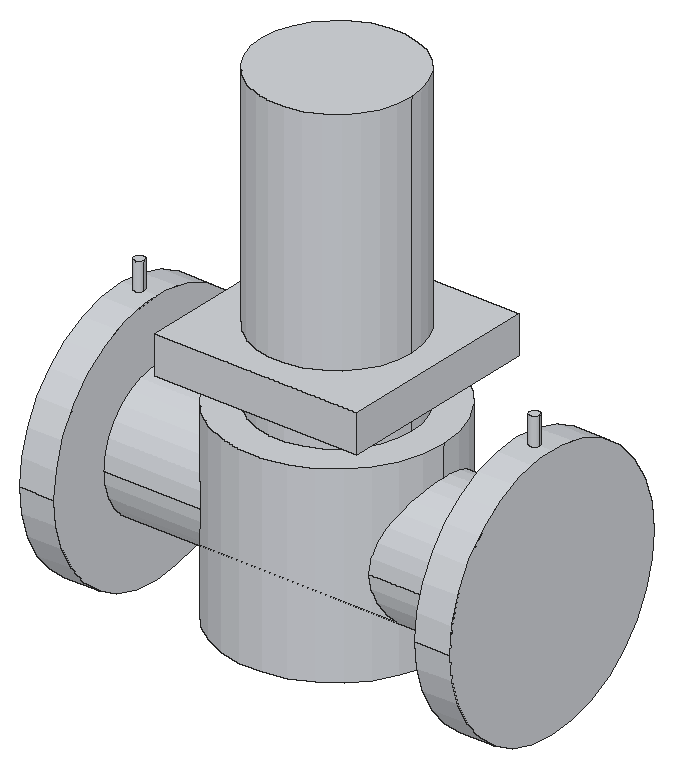
Revit family "PV_Compact_PN25_DN150_(90-350kPa)_RFA_2018", category Pipe Accessories, Revit 2018
Family settings
  Round Connector Dimension = Use Diameter
  Part Type = Valve - Breaks Into
  Work Plane-Based = No
  Always vertical = Yes
  Cut with Voids When Loaded = No
  Shared = No
Parameters (values of type "PV Compact PN25 DN150 (90-350kPa)")
  magiProductId = "3c848b5675884766961bbc36692fc4"
  magiProductFamilyId = "9e0837c0ac1a48c1a74a343bd519c1"
  magiPartTypeId = 304
  isMeasuringValve [instance] = no
  ang2D [instance] = 0.00°
  W2D = 125 mm
  VersionID = "2.0/2018.12.13.2/FRESE_PV_COMPACT_BIG_Q13_001"
  Use Minimum Symbol Size [instance] = no
  URL = "www.hydronic.cz"
  Type Comments = "PŘÍRUBOVÝ; PN25; dpmax=1000kPa; -10~+110°C"
  R4 = 84 mm
  R3 = 74.1 mm
  R1 = 120 mm
  QmdConnectorList = "301;D;302;D"
  Productdata [instance] = ""
  Manufacturer = "Hydronic Systems Prague s.r.o."
  Maintenance Zone Under Depth [instance] = 100 mm
  Maintenance Zone Right Depth [instance] = 100 mm
  Maintenance Zone Over Depth [instance] = 100 mm
  Maintenance Zone Left Depth [instance] = 100 mm
  Maintenance Zone Front Depth [instance] = 100 mm
  Maintenance Zone Back Depth [instance] = 100 mm
  Maintenance Zone Front Visibility [instance] = no
  MC Use Limits From Balancing Method = no
  MC Throttling Minimum Value = 0
  MC Throttling Maximum Value = 0
  MC Product Code = "53-3336 DN150 PN25; nastavitelný rozsah dp=20~100kPa; Q=59,3~123 m3/h;  kvs=250"
  MC Pressure Drop Minimum Value = 0.0 Pa
  MC Pressure Drop Maximum Value = 0.0 Pa
  MC Piping Given Pressure Drop [instance] = 0.0 Pa
  LF__ve = -LF  # -38.4 mm
  LF2 = 19.2 mm
  LF = 38.4 mm
  L4 = 225.6 mm
  L3 = 403.2 mm
  L2D_Min = 30.48 mm
  L2D = 400 mm
  L2 = 240 mm
  H6 = 256.25 mm
  H4 = 42.75 mm
  H3 = 35.625 mm
  H2 = 106.875 mm
  H1 = 213.75 mm
  Description = "Nastavitelný regulátor diferenčního tlaku"
  DF2 = 142.5 mm
  D = 150 mm
  Clearance Zone Height Depth [instance] = 100 mm
  Clearance Zone Circular Radius [instance] = 240 mm
  Clearance Zone Visibility [instance] = no
  CAT0 = yes
Types (3, lengths in mm): name | magiProductId | Type Comments | R4 | R3 | R1 | MC Product Code | LF__ve | LF2 | LF | L4 | L3 | L2 | H6 | H4 | H3 | H2 | H1 | DF2 | D | Clearance Zone Circular Radius
  PV Compact PN25 DN125 (90-350kPa) | "828af78972b74e11b5ab1c4abc9b81" | "PŘÍRUBOVÝ; PN25; dpmax=1000kPa; -10~+120°C" | 70 | 70.2 | 100 | "53-3333 DN125 PN25; nastavitelný rozsah dp=20~100kPa; Q=40,3~161 m3/h;  kvs=170" | -32 | 16 | 32 | 188 | 336 | 200 | 225.5 | 40.5 | 33.75 | 101.25 | 202.5 | 135 | 125 | 200
  PV Compact PN25 DN150 (90-350kPa) | "3c848b5675884766961bbc36692fc4" | "PŘÍRUBOVÝ; PN25; dpmax=1000kPa; -10~+110°C" | 84 | 74.1 | 120 | "53-3336 DN150 PN25; nastavitelný rozsah dp=20~100kPa; Q=59,3~123 m3/h;  kvs=250" | -38.4 | 19.2 | 38.4 | 225.6 | 403.2 | 240 | 256.25 | 42.75 | 35.625 | 106.875 | 213.75 | 142.5 | 150 | 240
  PV Compact PN25 DN200 (90-350kPa) | "91c75d4260f940c99372a7e9d4703c" | "PŘÍRUBOVÝ; PN25; dpmax=1000kPa; -10~+110°C" | 105 | 98.8 | 150 | "53-3339 DN200 PN25; nastavitelný rozsah dp=20~100kPa; Q=65,2~261 m3/h;  kvs=275" | -48 | 24 | 48 | 282 | 504 | 300 | 150 | 57 | 47.5 | 142.5 | 285 | 190 | 200 | 300
Reference planes
  plane 1 "Center (Front/Back)": y = 0
  plane 2 "XYPLANE": z = 0
  plane 3 "Center (Left/Right)": x = 0
  plane 4 "257": y = -142.5
  plane 5 "256": y = 142.5
  plane 6 "255": z = -142.5
  plane 7 "254": y = -242.5
  plane 8 "253": y = 242.5
  plane 9 "252": x = -340
  plane 10 "251": x = 340
  plane 11 "250": z = 541.5
  plane 12 "249": z = -242.5
  plane 13 "248": z = 541.5
  plane 14 "247": z = 441.5
  plane 15 "157": x = 220.8
  plane 16 "156": x = -220.8
  plane 17 "155": z = 142.5
  plane 18 "154": z = 185.25
  plane 19 "153": z = 142.5
  plane 20 "152": z = 106.875
  plane 21 "151": x = -201.6
  plane 22 "150": z = -106.875
  plane 23 "149": x = 0
  plane 24 "148": y = 0
  plane 25 "147": z = 0
  plane 26 "146": x = -240
  plane 27 "145": x = 240
Forms (mm)
  Blend 1, solid, visible <- "Maintenance Zone Front Visibility"
    base sketch origin (-750, 0, -242.5) x (1, 0, 0) y (0, 1, 0)
      loop
        line (410, 242.5) -> (410, -242.5) -> (1090, -242.5) -> (1090, 242.5) -> (410, 242.5)
    top sketch origin (-750, 0, -242.5) x (1, 0, 0) y (0, 1, 0)
      loop
        line (410, 242.5) -> (410, -242.5) -> (1090, -242.5) -> (1090, 242.5) -> (410, 242.5)
    from 0 to 784
  Blend 2, solid, visible <- "Clearance Zone Visibility"
    base sketch origin (-750, 0, 0) x (1, 0, 0) y (0, 1, 0)
      loop
        circle (750, 0) r 240
    top sketch origin (-750, 0, 0) x (1, 0, 0) y (0, 1, 0)
      loop
        circle (750, 0) r 240
    from 0 to 541.5
  Extrusion 3, solid, visible <- "CAT0"
    sketch origin (-750, 0, 142.5) x (1, 0, 0) y (0, 1, 0)
      loop
        circle (970.8, 0) r 5.5
    from 0 to 30
  Extrusion 4, solid, visible <- "CAT0"
    sketch origin (-750, 0, 142.5) x (1, 0, 0) y (0, 1, 0)
      loop
        circle (529.2, 0) r 5.5
    from 0 to 30
  Extrusion 5, solid
    sketch origin (-750, 0, 185.25) x (1, 0, 0) y (0, 1, 0)
      loop
        circle (750, 0) r 84
    from 0 to 256.25 <- "H6"
  Extrusion 6, solid, visible <- "CAT0"
    sketch origin (-750, 0, 142.5) x (1, 0, 0) y (0, 1, 0)
      loop
        line (862.8, 112.8) -> (637.2, 112.8) -> (637.2, -112.8) -> (862.8, -112.8) -> (862.8, 112.8)
    from 0 to 42.75 <- "H4"
  Extrusion 7, solid, visible <- "CAT0"
    sketch origin (-750, 0, 106.875) x (1, 0, 0) y (0, 1, 0)
      loop
        circle (750, 0) r 84
    from 0 to 35.625 <- "H3"
  Extrusion 8, solid, visible <- "CAT0"
    sketch origin (-201.6, -750, 0) x (0, 1, 0) y (0, 0, 1)
      loop
        circle (750, 0) r 74.1
    from 0 to 403.2 <- "L3"
  Extrusion 9, solid, visible <- "CAT0"
    sketch origin (-750, 0, -106.875) x (1, 0, 0) y (0, 1, 0)
      loop
        circle (750, 0) r 120
    from 0 to 213.75 <- "H1"
  Extrusion 10, solid, visible <- "CAT0"
    sketch origin (-240, -750, 0) x (0, 1, 0) y (0, 0, 1)
      loop
        circle (750, 0) r 142.5
    from 0 to 38.4 <- "LF"
  Extrusion 11, solid, visible <- "CAT0"
    sketch origin (240, -750, 0) x (0, 1, 0) y (0, 0, 1)
      loop
        circle (750, 0) r 142.5
    from 0 to -38.4 <- "LF__ve"
  Extrusion 12, solid, not visible
    sketch origin (-240, -750, 0) x (0, 1, 0) y (0, 0, 1)
      loop
        circle (750, 0) r 10
    from 0 to 10
  Extrusion 13, solid, not visible
    sketch origin (240, -750, 0) x (0, 1, 0) y (0, 0, 1)
      loop
        circle (750, 0) r 10
    from 0 to -10
Lines and regions (mm)
  reference lines, not visible
    curve 1: circle (2, 2, 0) r 1 normal (0, 0, 1)
  reference lines
    curve 2: circle (0, 0, 142.5) r 1 normal (0, 0, 1)
Dimensions and locks
  plane 1 "Center (Front/Back)" to curve 1 = 2 mm
  "DF2": plane 24 "148" to plane 4 "257"
  "DF2": plane 24 "148" to plane 5 "256"
  "DF2": plane 25 "147" to plane 6 "255"
  "Maintenance Zone Front Depth": plane 4 "257" to plane 7 "254"
  "Maintenance Zone Back Depth": plane 5 "256" to plane 8 "253"
  "Maintenance Zone Left Depth": plane 26 "146" to plane 9 "252"
  "Maintenance Zone Right Depth": plane 27 "145" to plane 10 "251"
  "Maintenance Zone Over Depth": plane 14 "247" to plane 11 "250"
  "Maintenance Zone Under Depth": plane 6 "255" to plane 12 "249"
  "Clearance Zone Height Depth": plane 14 "247" to plane 13 "248"
  "H6": plane 18 "154" to plane 14 "247"
  "LF2": plane 27 "145" to plane 15 "157"
  "LF2": plane 26 "146" to plane 16 "156"
  "DF2": plane 2 "XYPLANE" to plane 17 "155"
  "H4": plane 19 "153" to plane 18 "154"
  "H3": plane 20 "152" to plane 19 "153"
  "H1": plane 22 "150" to plane 20 "152"
  "LF": plane 26 "146" to plane 21 "151"
  "H2": plane 2 "XYPLANE" to plane 22 "150"
  locked: plane 3 "Center (Left/Right)" to plane 23 "149"
  locked: plane 1 "Center (Front/Back)" to plane 24 "148"
  locked: plane 2 "XYPLANE" to plane 25 "147"
  "L2": plane 3 "Center (Left/Right)" to plane 26 "146"
  "L2": plane 3 "Center (Left/Right)" to plane 27 "145"
  Blend 1 sketch curve to Blend 1 sketch curve = 0 mm  (x16)
  equal spacing: Extrusion 6 sketch curve, curve 2, Extrusion 6 sketch curve  (x2)
  "L4": Extrusion 6 sketch curve to Extrusion 6 sketch curve  (x2)
  Extrusion 6 sketch curve to Extrusion 6 sketch curve = 0 mm  (x8)
  "Clearance Zone Circular Radius": radius of Blend 2 sketch curve  (x2)
  "R4": radius of Extrusion 5 sketch curve
  "R4": radius of Extrusion 7 sketch curve
  "R3": radius of Extrusion 8 sketch curve
  "R1": radius of Extrusion 9 sketch curve
  "DF2": radius of Extrusion 10 sketch curve
  "DF2": radius of Extrusion 11 sketch curve
  aligned and locked: level to plane 2 "XYPLANE"
  aligned and locked: Blend 1 sketch curve to plane 8 "253"  (x2)
  aligned and locked: plane 9 "252" to Blend 1 sketch curve  (x4)
  aligned and locked: plane 10 "251" to Blend 1 sketch curve  (x4)
  aligned and locked: plane 8 "253" to Blend 1 sketch curve  (x2)
  aligned and locked: plane 7 "254" to Blend 1 sketch curve  (x4)
  aligned and locked: plane 11 "250" to Blend 1
  aligned and locked: plane 23 "149" to Blend 2 sketch curve  (x2)
  aligned and locked: plane 24 "148" to Blend 2 sketch curve  (x2)
  aligned and locked: plane 13 "248" to Blend 2
  aligned and locked: plane 15 "157" to Extrusion 3 sketch curve
  aligned and locked: plane 24 "148" to Extrusion 3 sketch curve
  aligned and locked: plane 16 "156" to Extrusion 4 sketch curve
  aligned and locked: plane 24 "148" to Extrusion 4 sketch curve
  aligned and locked: plane 23 "149" to Extrusion 5 sketch curve
  aligned and locked: plane 24 "148" to Extrusion 5 sketch curve
  aligned and locked: plane 23 "149" to curve 2
  aligned and locked: plane 24 "148" to curve 2
  aligned and locked: plane 23 "149" to Extrusion 7 sketch curve
  aligned and locked: plane 24 "148" to Extrusion 7 sketch curve
  aligned and locked: Extrusion 8 sketch curve to plane 24 "148"
  aligned and locked: plane 25 "147" to Extrusion 8 sketch curve
  aligned and locked: plane 23 "149" to Extrusion 9 sketch curve
  aligned and locked: plane 24 "148" to Extrusion 9 sketch curve
  aligned and locked: Extrusion 10 sketch curve to plane 24 "148"
  aligned and locked: plane 25 "147" to Extrusion 10 sketch curve
  aligned and locked: Extrusion 11 sketch curve to plane 24 "148"
  aligned and locked: plane 25 "147" to Extrusion 11 sketch curve
  aligned and locked: Extrusion 12 sketch curve to plane 24 "148"
  aligned and locked: plane 25 "147" to Extrusion 12 sketch curve
  aligned and locked: Extrusion 13 sketch curve to plane 24 "148"
  aligned and locked: plane 25 "147" to Extrusion 13 sketch curve
Automatic sketch dimensions
  Extrusion 3 sketch curve to Extrusion 3 sketch curve = 5.5 mm
  Extrusion 4 sketch curve to Extrusion 4 sketch curve = 5.5 mm
  plane 1 "Center (Front/Back)" to Extrusion 12 sketch curve = 10 mm
  plane 1 "Center (Front/Back)" to Extrusion 13 sketch curve = 10 mm
  plane 3 "Center (Left/Right)" to curve 1 = 2 mm
  plane 21 "151" to Extrusion 6 sketch curve = 88.8 mm
  plane 4 "257" to Extrusion 6 sketch curve = 29.7 mm
  radius of curve 2 = 1 mm
  radius of curve 1 = 1 mm
Connectors
  piping at (-240, 0, 0), diameter 150, driven by "D"
    settings: on Extrusion 12, index 1, connector inside diameter 609.6 mm, connector length 0 mm, flow factor 0, pipe flow 0.0 L/s, pressure drop 0.0 Pa, fitting loss kfactor 0, connector angle 0.00°, fixture units 0, engagement length 0 mm, angle of deflection 0.00°, flow configuration 0, flow direction 0, fitting loss method 0, system type 29, joint type 0, gender type 0, connector reference index 2, connector utility 0, adjustable connector no, is connector primary yes, connector description ""
  piping at (240, 0, 0), diameter 150, driven by "D"
    settings: on Extrusion 13, index 2, connector inside diameter 609.6 mm, connector length 0 mm, flow factor 0, pipe flow 0.0 L/s, pressure drop 0.0 Pa, fitting loss kfactor 0, connector angle 0.00°, fixture units 0, engagement length 0 mm, angle of deflection 0.00°, flow configuration 0, flow direction 0, fitting loss method 0, system type 29, joint type 0, gender type 0, connector reference index 1, connector utility 0, adjustable connector no, is connector primary no, connector description ""
